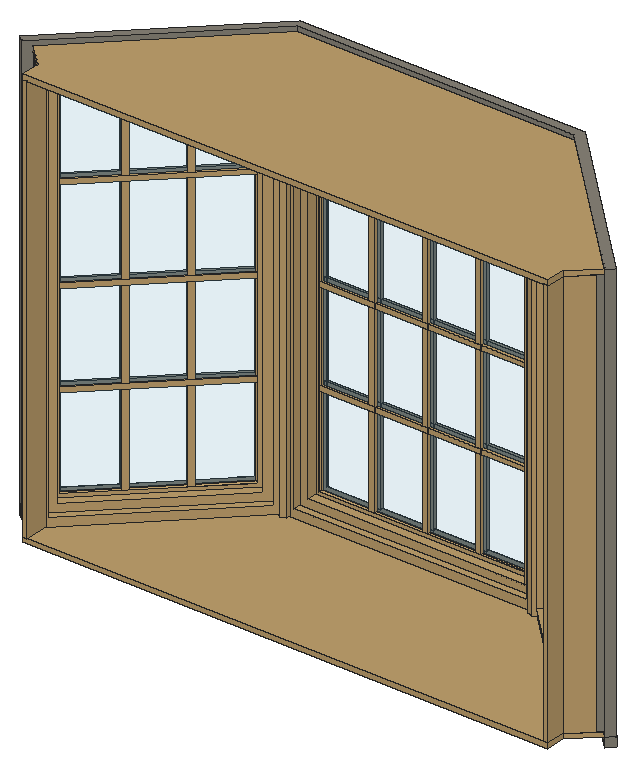
Revit family (continued)
Definition of nested family "Window-Casement-Marvin-Clad_Ultimate"
  Definition of nested family "Muntins"
    Dimensions and locks (in)
      "Prairie Corner Width": plane 20 to plane 12
      "Prairie Corner Height": plane 9 to plane 17
      "Prairie Corner Height": plane 18 to plane 10
      "MuntinWidth": Extrusion 7 sketch curve to Extrusion 7 sketch curve
      "Height": Extrusion 7 sketch curve to Extrusion 7 sketch curve
      "MuntinWidth": Extrusion 8 sketch curve to Extrusion 8 sketch curve
      "Height": Extrusion 8 sketch curve to Extrusion 8 sketch curve
      "MuntinWidth": Extrusion 9 sketch curve to Extrusion 9 sketch curve
      "Width": Extrusion 9 sketch curve to Extrusion 9 sketch curve
      "MuntinWidth": Extrusion 10 sketch curve to Extrusion 10 sketch curve
      "Width": Extrusion 10 sketch curve to Extrusion 10 sketch curve
      aligned and locked: plane 6 to Extrusion 1  (x2)
      aligned and locked: Extrusion 1 to plane 4  (x3)
      aligned and locked: Extrusion 3 to plane 13  (x5)
      aligned and locked: Extrusion 3 to plane 4  (x3)
      aligned and locked: Extrusion 2 to plane 14
      aligned and locked: plane 15 to Extrusion 2
      aligned and locked: plane 6 to Extrusion 3
      aligned and locked: plane 7 to Extrusion 4
      aligned and locked: Extrusion 4 to plane 14
      aligned and locked: plane 15 to Extrusion 4
      aligned and locked: curve 1 to plane 5
      aligned and locked: plane 14 to curve 1
      aligned and locked: plane 15 to curve 1
      aligned and locked: Extrusion 5 to plane 14
      aligned and locked: Extrusion 5 to plane 8
      aligned and locked: plane 15 to Extrusion 5
      aligned and locked: Extrusion 5 to curve 3  (x2)
      aligned and locked: Extrusion 4 to curve 2  (x2)
      aligned and locked: curve 4 to plane 3 "Center (Left/Right)"
      aligned and locked: Extrusion 1 to curve 4  (x2)
      aligned and locked: Extrusion 3 to curve 5  (x2)
      aligned and locked: Extrusion 6 to curve 6  (x2)
      aligned and locked: Extrusion 6 to plane 16
      aligned and locked: plane 6 to Extrusion 6
      aligned and locked: plane 6 to curve 6
      aligned and locked: Extrusion 6 to plane 4
      aligned and locked: plane 4 to curve 6
      aligned and locked: cut or joined group of Extrusion 7, Extrusion 8, Extrusion 9, Extrusion 10 to plane 19
      aligned and locked: plane 20 to cut or joined group of Extrusion 7, Extrusion 8, Extrusion 9, Extrusion 10
      aligned and locked: plane 17 to cut or joined group of Extrusion 7, Extrusion 8, Extrusion 9, Extrusion 10
      aligned and locked: cut or joined group of Extrusion 7, Extrusion 8, Extrusion 9, Extrusion 10 to plane 18
      aligned and locked: cut or joined group of Extrusion 7, Extrusion 8, Extrusion 9, Extrusion 10 to curve 7  (x2)
      aligned and locked: cut or joined group of Extrusion 7, Extrusion 8, Extrusion 9, Extrusion 10 to curve 8  (x2)
      aligned and locked: cut or joined group of Extrusion 7, Extrusion 8, Extrusion 9, Extrusion 10 to curve 9  (x2)
      aligned and locked: cut or joined group of Extrusion 7, Extrusion 8, Extrusion 9, Extrusion 10 to curve 10  (x2)
    Automatic sketch dimensions
      Extrusion 1 sketch curve to plane 4 = 0' - 0"
      Extrusion 1 sketch curve to plane 3 "Center (Left/Right)" = 0' - 0 3/8"
      Extrusion 2 sketch curve to plane 14 = 0' - 0"
      Extrusion 2 sketch curve to plane 5 = 0' - 0 3/8"
      Extrusion 7 sketch curve to plane 4 = 0' - 0"
      Extrusion 7 sketch curve to plane 19 = 0' - 0"
      Extrusion 8 sketch curve to plane 4 = 0' - 0"
      Extrusion 8 sketch curve to plane 20 = 0' - 0 3/4"
      Extrusion 9 sketch curve to plane 14 = 0' - 0"
      Extrusion 9 sketch curve to plane 17 = 0' - 0 3/4"
      Extrusion 10 sketch curve to plane 14 = 0' - 0"
      Extrusion 10 sketch curve to plane 18 = 0' - 0"
      plane 19 to curve 9 = 0' - 0 3/8"
      curve 10 to plane 20 = 0' - 0 3/8"
      plane 18 to curve 8 = 0' - 0 3/8"
      curve 7 to plane 17 = 0' - 0 3/8"
Definition of nested family "Bay_Plan_Detail"
  Parameters (values of type "Casement_Plan_Detail")
    Width = 6' - 4 21/32"
    Projection = 1' - 6 5/16"
    Assembly Code = ""
  Reference planes (in)
    plane 1 "Center (Front/Back)": y = 0
    plane 2: z = 0
    plane 3 "Center (Left/Right)": x = 0
    plane 4: x = -38.32812
    plane 5: x = 38.32812
    plane 6 "Projection": y = 18.3125
  Lines and regions (in)
    reference lines, in view "Ref. Level"
      curve 1: line (-38.32812, 0, 0) -> (-20.01562, 18.3125, 0)
      curve 2: line (38.32812, 0, 0) -> (20.01562, 18.3125, 0)
    detail lines, style "Cut Lines", in view "Ref. Level"
      curve 3: line (-22.13137, 17.74437, 0) -> (-20.46924, 19.40651, 0)
      curve 4: line (-18.13175, 19.40651, 0) -> (-20.46924, 19.40651, 0)
      curve 5: line (22.13137, 17.74437, 0) -> (20.46994, 19.40581, 0)
      curve 6: line (18.13175, 19.40581, 0) -> (20.46994, 19.40581, 0)
      curve 7: line (-15.77921, 17.56375, 0) -> (15.77414, 17.56375, 0)
      curve 8: line (-15.77921, 17.44575, 0) -> (15.77414, 17.44575, 0)
      curve 9: line (-15.77921, 16.93175, 0) -> (15.77414, 16.93175, 0)
      curve 10: line (-15.77921, 16.81375, 0) -> (15.77414, 16.81375, 0)
      curve 11: line (-36.13486, 1.13438, 0) -> (-22.49194, 14.7773, 0)
      curve 12: line (-36.05142, 1.05094, 0) -> (-22.4085, 14.69386, 0)
      curve 13: line (-35.68797, 0.68749, 0) -> (-22.04505, 14.3304, 0)
      curve 14: line (-35.60453, 0.60405, 0) -> (-21.96161, 14.24697, 0)
      curve 16: line (36.13486, 1.13438, 0) -> (22.49194, 14.7773, 0)
      curve 17: line (36.05142, 1.05094, 0) -> (22.4085, 14.69386, 0)
      curve 18: line (35.68797, 0.68749, 0) -> (22.04505, 14.3304, 0)
      curve 19: line (35.60453, 0.60405, 0) -> (21.96161, 14.24697, 0)
    detail lines, style "DetailComponentsHiddenLines", in view "Ref. Level"
      curve 15: line (-34.47924, 0.50004, 0) -> (-21.8576, 13.12168, 0)
      curve 20: line (34.47924, 0.50004, 0) -> (21.8576, 13.12168, 0)
  Dimensions and locks (in)
    equal spacing: plane 4, plane 3 "Center (Left/Right)", plane 5
    "Width": plane 4 to plane 5
    "Projection": plane 1 "Center (Front/Back)" to plane 6 "Projection"
    locked: nested 3 to curve 1 at 1.89779
    locked: curve 2 to nested 4 at 1.89779
    locked: plane 1 "Center (Front/Back)" to curve 1 (angle 45.00°)
    locked: curve 2 to plane 1 "Center (Front/Back)" (angle 45.00°)
    aligned and locked: plane 1 "Center (Front/Back)" to curve 1
    aligned and locked: plane 4 to curve 1
    aligned and locked: plane 1 "Center (Front/Back)" to curve 2
    aligned and locked: plane 5 to curve 2
    aligned and locked: plane 6 "Projection" to curve 2
    aligned and locked: plane 6 "Projection" to curve 1
    aligned and locked: nested 1 to curve 1  (x2)
    aligned and locked: nested 2 to curve 2  (x2)
    aligned and locked: nested 3 to curve 1
    aligned and locked: nested 4 to curve 2
    aligned and locked: nested 6 to nested 3
    aligned and locked: nested 5 to nested 4
    aligned and locked: nested 5 to curve 6
    aligned and locked: curve 5 to nested 4
    aligned and locked: curve 4 to nested 6
    aligned and locked: curve 3 to nested 3
    aligned and locked: curve 11 to nested 1  (x2)
    aligned and locked: nested 1 to curve 12
    aligned and locked: curve 12 to nested 1
    aligned and locked: curve 13 to nested 1  (x2)
    aligned and locked: nested 1 to curve 14
    aligned and locked: curve 14 to nested 1
    aligned and locked: nested 1 to curve 15
    aligned and locked: curve 15 to nested 1
    aligned and locked: curve 16 to nested 2  (x2)
    aligned and locked: nested 2 to curve 17
    aligned and locked: curve 17 to nested 2
    aligned and locked: curve 18 to nested 2  (x2)
    aligned and locked: nested 2 to curve 19
    aligned and locked: curve 19 to nested 2
    aligned and locked: nested 2 to curve 20  (x2)
    aligned and locked: plane 6 "Projection" to nested 6
    aligned and locked: nested 5 to plane 6 "Projection"
  Automatic sketch dimensions
    plane 6 "Projection" to curve 11 = 0' - 3.5352"
    curve 11 to curve 4 = 0' - 4.36019"
    plane 6 "Projection" to curve 12 = 0' - 3.61864"
    curve 11 to curve 12 = 0' - 0.08344"
    plane 6 "Projection" to curve 3 = 0' - 0.56813"
    plane 6 "Projection" to curve 13 = 0' - 3.9821"
    curve 12 to curve 13 = 0' - 0.36345"
    plane 6 "Projection" to curve 14 = 0' - 4.06553"
    curve 13 to curve 14 = 0' - 0.08344"
    plane 6 "Projection" to curve 15 = 0' - 5.19082"
    curve 14 to curve 15 = 0' - 0.10401"
    curve 3 to plane 6 "Projection" = 0' - 1.09401"
    curve 3 to curve 4 = 0' - 2.33749"
    plane 6 "Projection" to curve 7 = 0' - 0.74875"
    curve 4 to curve 7 = 0' - 2.35254"
    curve 8 to curve 7 = 0' - 0"  (x2)
    curve 10 to curve 8 = 0' - 0"
    curve 9 to curve 10 = 0' - 0"  (x2)
    curve 7 to curve 6 = 0' - 2.3576"
    curve 10 to curve 7 = 0' - 0"
    curve 6 to plane 6 "Projection" = 0' - 1.09331"
    curve 6 to curve 6 = 0' - 2.33819"
    curve 5 to curve 20 = 0' - 1.38767"
    plane 6 "Projection" to curve 19 = 0' - 4.06553"
    curve 20 to curve 19 = 0' - 0.10401"
    plane 6 "Projection" to curve 18 = 0' - 3.9821"
    curve 19 to curve 18 = 0' - 0.08344"
    plane 6 "Projection" to curve 5 = 0' - 0.56813"
    plane 6 "Projection" to curve 17 = 0' - 3.61864"
    curve 18 to curve 17 = 0' - 0.36345"
    plane 6 "Projection" to curve 16 = 0' - 3.5352"
    curve 17 to curve 16 = 0' - 0.08344"
    curve 10 to curve 7 = 0' - 0 3/4"
    curve 10 to curve 9 = 0' - 0.118"
    curve 8 to curve 7 = 0' - 0.118"
  Nested families (in)
    nested 1: "Jamb_Detail" at (-38.32812, 0, 0) x (0.7071, 0.7071, 0) z (0, 0, 1), type "Jamb_Detail", in view "Ref. Level"
    nested 2: "Jamb_Detail" at (38.32812, 0, 0) x (-0.7071, 0.7071, 0) z (0, 0, 1), type "Jamb_Detail", in view "Ref. Level"
    nested 3: "Jamb_Detail" at (-21.35756, 16.97056, 0) x (-0.7071, -0.7071, 0) z (0, 0, 1), type "Jamb_Detail", in view "Ref. Level"
    nested 4: "Jamb_Detail" at (21.35756, 16.97056, 0) x (0.7071, -0.7071, 0) z (0, 0, 1), type "Jamb_Detail", in view "Ref. Level"
    nested 5: "Jamb_Detail" at (18.13175, 18.3125, 0) x (-1, 0, 0) z (0, 0, 1), type "Jamb_Detail", in view "Ref. Level"
      with Screen no
    nested 6: "Jamb_Detail" at (-18.13175, 18.3125, 0), type "Jamb_Detail", in view "Ref. Level"
      with Screen no
  Definition of nested family "Jamb_Detail"
    Parameters (values of type "Jamb_Detail")
      Screen [instance] = yes
      Assembly Code = ""
    Reference planes (in)
      plane 1 "Center (Front/Back)": y = 0
      plane 2: z = 0
      plane 3 "Center (Left/Right)": x = 0
    Lines and regions (in)
      detail lines, style "Cut Lines", in view "Ref. Level"
        curve 1: line (0, 4.56199, 0) -> (1.188, 4.56199, 0)
        curve 2: line (0, -1.09401, 0) -> (0, 4.56199, 0)
        curve 3: line (1.188, 4.56199, 0) -> (1.188, 0.76198, 0)
        curve 4: line (0.52105, -1.09401, 0) -> (0, -1.09401, 0)
        curve 5: line (0.637, 0.56409, 0) -> (0.52105, -1.09401, 0)
        curve 6: line (0.637, 0.56409, 0) -> (0.637, 1.98699, 0)
        curve 7: line (1.188, 3.46342, 0) -> (2.115, 3.46342, 0)
        curve 8: line (2.115, 3.46342, 0) -> (2.115, 2.86577, 0)
        curve 9: line (2.30184, 2.86577, 0) -> (2.30184, 2.34399, 0)
        curve 10: line (2.489, 2.34399, 0) -> (2.489, 1.98699, 0)
        curve 11: line (2.115, 2.86577, 0) -> (2.30184, 2.86577, 0)
        curve 12: line (0.805, 0.76198, 0) -> (1.188, 0.76198, 0)
        curve 13: line (0.805, 0.36599, 0) -> (0.805, 0.76198, 0)
        curve 14: line (2.696, 0.36599, 0) -> (0.805, 0.36599, 0)
        curve 15: line (2.696, 0.4846, 0) -> (2.696, 0.36599, 0)
        curve 16: line (2.896, 0.6846, 0) -> (2.696, 0.4846, 0)
        curve 17: line (2.208, 0.71396, 0) -> (2.896, 0.71396, 0)
        curve 18: line (2.208, 1.50299, 0) -> (2.208, 0.71396, 0)
        curve 19: line (2.896, 1.50299, 0) -> (2.208, 1.50299, 0)
        curve 20: line (2.896, 1.67399, 0) -> (2.896, 1.50299, 0)
        curve 21: line (2.677, 1.98699, 0) -> (2.677, 1.89299, 0)
        curve 22: line (0.637, 1.98699, 0) -> (2.677, 1.98699, 0)
        curve 23: line (2.896, 0.71396, 0) -> (2.896, 0.6846, 0)
        curve 24: line (2.677, 1.89299, 0) -> (2.896, 1.67399, 0)
        curve 34: line (2.353, 1.38075, 0) -> (2.353, 1.49875, 0)
        curve 35: line (2.478, 0.86675, 0) -> (2.478, 1.38075, 0)
        curve 36: line (2.728, 0.87375, 0) -> (2.728, 1.37375, 0)
        curve 37: line (2.353, 0.74875, 0) -> (2.353, 0.86675, 0)
        curve 38: line (2.30184, 2.34399, 0) -> (2.489, 2.34399, 0)
      detail lines, style "Cut Lines", in view "Ref. Level", visible <- "Screen"
        curve 25: line (2.30184, 2.71899, 0) -> (2.98516, 2.71899, 0)
        curve 26: line (2.88116, 2.34399, 0) -> (2.30184, 2.34399, 0)
        curve 27: line (2.88116, 2.57074, 0) -> (2.88116, 2.34399, 0)
        curve 28: line (3.00316, 2.57074, 0) -> (2.88116, 2.57074, 0)
        curve 29: line (3.07516, 2.61899, 0) -> (3.07516, 2.36799, 0)
        curve 30: line (3.00316, 2.36799, 0) -> (3.00316, 2.57074, 0)
        curve 31: line (3.00316, 2.36799, 0) -> (3.07516, 2.36799, 0)
        curve 32: line (2.98516, 2.71899, 0) -> (2.98516, 2.61899, 0)
        curve 33: line (2.98516, 2.61899, 0) -> (3.07516, 2.61899, 0)
Definition of nested family "Label Annotation 1-16 w4"
  Parameters
    Nominal Width = 6' - 10.31403"
    Nominal Height = 5' - 0 1/2"
    Label = ""
    Egress Info = "EGRESS WDW"
    Description = "CSMT BAY"
  Reference planes (in)
    plane 1: y = 0
    plane 2: x = 0
  Text (in)
    label "Nominal Width X  Nominal Height\n\nDescription\n\nEgress Info" at (0.00375, -0.00345, 0), shows "Nominal Width", "Nominal Height", "Description", "Egress Info"
Definition of nested family "Bay_Section_Detail"
  Parameters (values of type "Casement_Section_Detail")
    Height = 5' - 0 1/2"
    Assembly Code = ""
  Reference planes (in)
    plane 1 "Center (Front/Back)": y = 0
    plane 2: z = 0
    plane 3 "Center (Left/Right)": x = 0
    plane 4: y = 60.5
  Lines and regions (in)
    detail lines, style "Cut Lines", in view "Ref. Level"
      curve 1: line (0.74875, 2.353, 0) -> (0.74875, 58.147, 0)
      curve 2: line (0.86675, 2.353, 0) -> (0.86675, 58.147, 0)
      curve 3: line (1.38075, 2.353, 0) -> (1.38075, 58.147, 0)
      curve 4: line (1.49875, 2.353, 0) -> (1.49875, 58.147, 0)
  Dimensions and locks (in)
    "Height": plane 4 to plane 1 "Center (Front/Back)"
    aligned and locked: plane 1 "Center (Front/Back)" to nested 1
    aligned and locked: plane 3 "Center (Left/Right)" to nested 1
    aligned and locked: nested 2 to plane 4
    aligned and locked: plane 3 "Center (Left/Right)" to nested 2
    aligned and locked: curve 1 to nested 1  (x2)
    aligned and locked: nested 1 to curve 2
    aligned and locked: curve 2 to nested 1
    aligned and locked: curve 3 to nested 1  (x2)
    aligned and locked: nested 1 to curve 4
    aligned and locked: curve 4 to nested 1
  Automatic sketch dimensions
    curve 3 to plane 4 = 0' - 2.353"
    curve 2 to curve 3 = 0' - 0"
    curve 4 to curve 3 = 0' - 0"
    curve 1 to curve 2 = 0' - 0"
  Nested families (in)
    nested 1: "Sill_Detail" at (0, 0, 0), type "Sill_Detail", in view "Ref. Level"
      with Screen no
    nested 2: "Head_Detail" at (0, 60.5, 0), type "Head_Detail", in view "Ref. Level"
      with Screen no
  Definition of nested family "Sill_Detail"
    Parameters (values of type "Jamb_Detail")
      Screen [instance] = yes
      Assembly Code = ""
    Reference planes (in)
      plane 1 "Center (Front/Back)": y = 0
      plane 2: z = 0
      plane 3 "Center (Left/Right)": x = 0
    Lines and regions (in)
      detail lines, style "Cut Lines", in view "Ref. Level"
        curve 1: line (4.56199, 0, 0) -> (4.56199, 1.188, 0)
        curve 2: line (-1.09401, 0, 0) -> (4.56199, 0, 0)
        curve 3: line (4.56199, 1.188, 0) -> (0.76198, 1.188, 0)
        curve 4: line (-1.09401, 0.52105, 0) -> (-1.09401, 0, 0)
        curve 5: line (0.56409, 0.637, 0) -> (-1.09401, 0.52105, 0)
        curve 6: line (0.56409, 0.637, 0) -> (1.98699, 0.637, 0)
        curve 7: line (3.46342, 1.188, 0) -> (3.46342, 2.115, 0)
        curve 8: line (3.46342, 2.115, 0) -> (2.86577, 2.115, 0)
        curve 9: line (2.86577, 2.30184, 0) -> (2.34399, 2.30184, 0)
        curve 10: line (2.34399, 2.489, 0) -> (1.98699, 2.489, 0)
        curve 11: line (2.86577, 2.115, 0) -> (2.86577, 2.30184, 0)
        curve 12: line (0.76198, 0.805, 0) -> (0.76198, 1.188, 0)
        curve 13: line (0.36599, 0.805, 0) -> (0.76198, 0.805, 0)
        curve 14: line (0.36599, 2.696, 0) -> (0.36599, 0.805, 0)
        curve 15: line (0.4846, 2.696, 0) -> (0.36599, 2.696, 0)
        curve 16: line (0.6846, 2.896, 0) -> (0.4846, 2.696, 0)
        curve 17: line (0.71396, 2.208, 0) -> (0.71396, 2.896, 0)
        curve 18: line (1.50299, 2.208, 0) -> (0.71396, 2.208, 0)
        curve 19: line (1.50299, 2.896, 0) -> (1.50299, 2.208, 0)
        curve 20: line (1.67399, 2.896, 0) -> (1.50299, 2.896, 0)
        curve 21: line (1.98699, 2.677, 0) -> (1.89299, 2.677, 0)
        curve 22: line (1.98699, 0.637, 0) -> (1.98699, 2.677, 0)
        curve 23: line (0.71396, 2.896, 0) -> (0.6846, 2.896, 0)
        curve 24: line (1.89299, 2.677, 0) -> (1.67399, 2.896, 0)
        curve 34: line (1.38075, 2.353, 0) -> (1.49875, 2.353, 0)
        curve 35: line (0.86675, 2.478, 0) -> (1.38075, 2.478, 0)
        curve 36: line (0.87375, 2.728, 0) -> (1.37375, 2.728, 0)
        curve 37: line (0.74875, 2.353, 0) -> (0.86675, 2.353, 0)
        curve 38: line (2.34399, 2.30184, 0) -> (2.34399, 2.489, 0)
      detail lines, style "Cut Lines", in view "Ref. Level", visible <- "Screen"
        curve 25: line (2.71899, 2.30184, 0) -> (2.71899, 2.98516, 0)
        curve 26: line (2.34399, 2.88116, 0) -> (2.34399, 2.30184, 0)
        curve 27: line (2.57074, 2.88116, 0) -> (2.34399, 2.88116, 0)
        curve 28: line (2.57074, 3.00316, 0) -> (2.57074, 2.88116, 0)
        curve 29: line (2.61899, 3.07516, 0) -> (2.36799, 3.07516, 0)
        curve 30: line (2.36799, 3.00316, 0) -> (2.57074, 3.00316, 0)
        curve 31: line (2.36799, 3.00316, 0) -> (2.36799, 3.07516, 0)
        curve 32: line (2.71899, 2.98516, 0) -> (2.61899, 2.98516, 0)
        curve 33: line (2.61899, 2.98516, 0) -> (2.61899, 3.07516, 0)
  Definition of nested family "Head_Detail"
    Parameters (values of type "Jamb_Detail")
      Screen [instance] = yes
      Assembly Code = ""
    Reference planes (in)
      plane 1 "Center (Front/Back)": y = 0
      plane 2: z = 0
      plane 3 "Center (Left/Right)": x = 0
    Lines and regions (in)
      detail lines, style "Cut Lines", in view "Ref. Level"
        curve 1: line (4.56199, 0, 0) -> (4.56199, -1.188, 0)
        curve 2: line (-1.09401, 0, 0) -> (4.56199, 0, 0)
        curve 3: line (4.56199, -1.188, 0) -> (0.76198, -1.188, 0)
        curve 4: line (-1.09401, -0.52105, 0) -> (-1.09401, 0, 0)
        curve 5: line (0.56409, -0.637, 0) -> (-1.09401, -0.52105, 0)
        curve 6: line (0.56409, -0.637, 0) -> (1.98699, -0.637, 0)
        curve 7: line (3.46342, -1.188, 0) -> (3.46342, -2.115, 0)
        curve 8: line (3.46342, -2.115, 0) -> (2.86577, -2.115, 0)
        curve 9: line (2.86577, -2.30184, 0) -> (2.34399, -2.30184, 0)
        curve 10: line (2.34399, -2.489, 0) -> (1.98699, -2.489, 0)
        curve 11: line (2.86577, -2.115, 0) -> (2.86577, -2.30184, 0)
        curve 12: line (0.76198, -0.805, 0) -> (0.76198, -1.188, 0)
        curve 13: line (0.36599, -0.805, 0) -> (0.76198, -0.805, 0)
        curve 14: line (0.36599, -2.696, 0) -> (0.36599, -0.805, 0)
        curve 15: line (0.4846, -2.696, 0) -> (0.36599, -2.696, 0)
        curve 16: line (0.6846, -2.896, 0) -> (0.4846, -2.696, 0)
        curve 17: line (0.71396, -2.208, 0) -> (0.71396, -2.896, 0)
        curve 18: line (1.50299, -2.208, 0) -> (0.71396, -2.208, 0)
        curve 19: line (1.50299, -2.896, 0) -> (1.50299, -2.208, 0)
        curve 20: line (1.67399, -2.896, 0) -> (1.50299, -2.896, 0)
        curve 21: line (1.98699, -2.677, 0) -> (1.89299, -2.677, 0)
        curve 22: line (1.98699, -0.637, 0) -> (1.98699, -2.677, 0)
        curve 23: line (0.71396, -2.896, 0) -> (0.6846, -2.896, 0)
        curve 24: line (1.89299, -2.677, 0) -> (1.67399, -2.896, 0)
        curve 34: line (1.38075, -2.353, 0) -> (1.49875, -2.353, 0)
        curve 35: line (0.86675, -2.478, 0) -> (1.38075, -2.478, 0)
        curve 36: line (0.87375, -2.728, 0) -> (1.37375, -2.728, 0)
        curve 37: line (0.74875, -2.353, 0) -> (0.86675, -2.353, 0)
        curve 38: line (2.34399, -2.30184, 0) -> (2.34399, -2.489, 0)
      detail lines, style "Cut Lines", in view "Ref. Level", visible <- "Screen"
        curve 25: line (2.71899, -2.30184, 0) -> (2.71899, -2.98516, 0)
        curve 26: line (2.34399, -2.88116, 0) -> (2.34399, -2.30184, 0)
        curve 27: line (2.57074, -2.88116, 0) -> (2.34399, -2.88116, 0)
        curve 28: line (2.57074, -3.00316, 0) -> (2.57074, -2.88116, 0)
        curve 29: line (2.61899, -3.07516, 0) -> (2.36799, -3.07516, 0)
        curve 30: line (2.36799, -3.00316, 0) -> (2.57074, -3.00316, 0)
        curve 31: line (2.36799, -3.00316, 0) -> (2.36799, -3.07516, 0)
        curve 32: line (2.71899, -2.98516, 0) -> (2.61899, -2.98516, 0)
        curve 33: line (2.61899, -2.98516, 0) -> (2.61899, -3.07516, 0)
